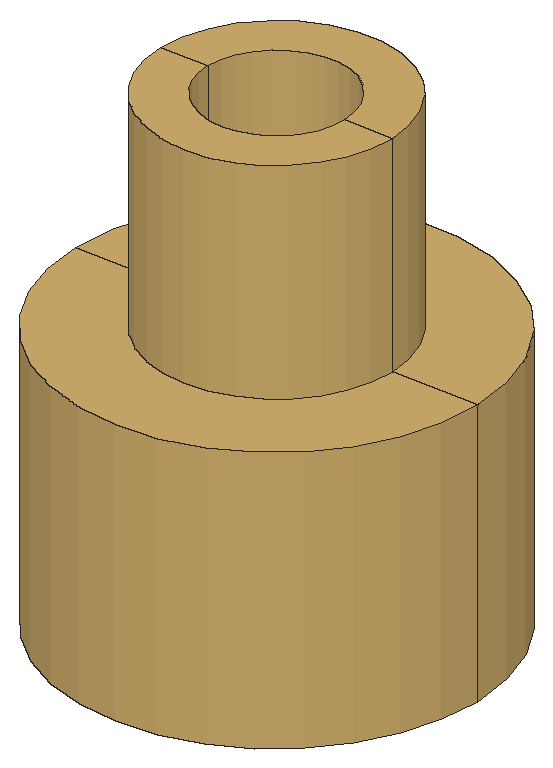
Revit family "Pneumatic Actuator-JCI_Sapphire_Plus-(70bar)Novec1230", category Specialty Equipment, Revit 2017
Family settings
  Round Connector Dimension = Use Diameter
  Part Type = Normal
  OmniClass Number = 23.29.33.13.11
  Work Plane-Based = Yes
  Always vertical = Yes
  Cut with Voids When Loaded = No
  Shared = Yes
  Room Calculation Point = No
Parameters (values of type "Actuator Pneumatic")
  Width = 0.00 mm
  Weight = 0.00 lbf
  URL = "http://www.sapphireplus.com"
  Product Page URL = "http://www.sapphireplus.com"
  Product Material = "JCI - Metal-Brass-Satin"
  Product Documentation Link = "http://www.sapphireplus.com"
  Part Number = Model  # "304.209.004"
  Part Description = Description  # "Pneumatic Actuator"
  Operating Temperature = 122 °F
  Model Disclaimer = " For More Information Contact JOHNSON CONTROLS"  # constant formula
  Model = "304.209.004"  # constant formula
  Manufacturer = "Johnson Controls, Inc."  # constant formula
  Height = 0.00 mm
  Fire Suppression Agent = "''3M Novec'' 1230 Fire Protection Fluid"  # constant formula
  Family Version = "1.0"  # constant formula
  Equipment Number = "XXX"  # constant formula
  Equipment Abbreviation = "AP"  # constant formula
  Description = "Pneumatic Actuator"  # constant formula
  Default Elevation = 1219.20 mm
  Date Modified = "YYYY/MM/DD"  # constant formula
  Date Created = "2018/10/11"  # constant formula
  Copyright © = "Copyright © 2001-2018 Johnson Controls Inc."  # constant formula
  Assembly Code = "D4090300"
Reference planes
  plane 1 "Center (Front/Back)": y = 0
  plane 2: z = 0
  plane 3 "Center (Left/Right)": x = 0
  plane 4 "Body Left": x = -20.497
  plane 5 "Body Top Left": x = -11.821
  plane 6 "Height Top": z = 37.406
  plane 7: z = 16.068
  plane 8 "Height Bottom": z = -11
  plane 9 "Body Offset Top Left": x = -7
  plane 10 "Height Offset": z = 29.406
  plane 11 "Middle Ref": z = 7.382
  plane 12 "Body Offset Left": x = -16.4
Forms (mm)
  Revolve 1, solid, material "JCI - Brass - Soft - Yellow - Satin"
    sketch origin (0, 0, 0) x (1, 0, 0) y (0, 0, 1)
      loop
        line (-16.4, -11) -> (-16.4, 0) -> (0, 0) -> (0, 29.406) -> (-7, 29.406) -> (-7, 37.406) -> (-11.821, 37.406) -> (-11.821, 16.068) -> (-20.497, 16.068) -> (-20.497, -11) -> (-16.4, -11)
      axis (0, 37.406) -> (0, -11)
    angle from 0 to 360
Dimensions and locks
  aligned and locked: plane 2 to level
  aligned and locked: Revolve 1 sketch curve to plane 9 "Body Offset Top Left"
  aligned and locked: Revolve 1 sketch curve to plane 10 "Height Offset"
  aligned and locked: Revolve 1 sketch curve to plane 7
  aligned and locked: Revolve 1 sketch curve to plane 4 "Body Left"
  aligned and locked: level to Revolve 1 sketch curve
  aligned and locked: Revolve 1 sketch curve to plane 5 "Body Top Left"
  aligned and locked: Revolve 1 sketch curve to plane 6 "Height Top"
  aligned and locked: plane 8 "Height Bottom" to Revolve 1 sketch curve
  aligned and locked: Revolve 1 sketch curve to plane 12 "Body Offset Left"
  aligned and locked: Revolve 1 sketch curve to plane 3 "Center (Left/Right)"
